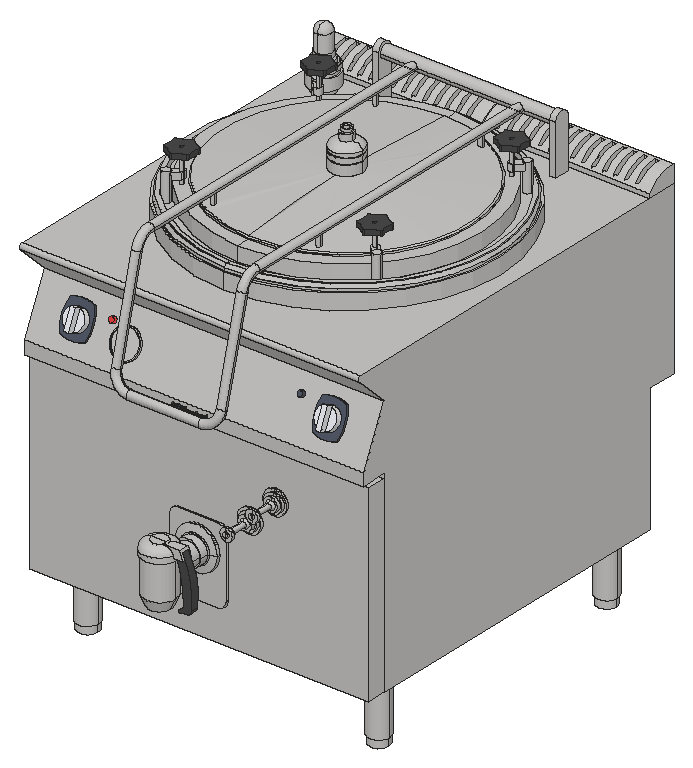
Revit family "QF_ELECTROLUXPROFESSIONAL_391122_E9BSEHIRFC", category Specialty Equipment, Revit 2018
Family settings
  Round Connector Dimension = Use Diameter
  Part Type = Normal
  Work Plane-Based = No
  Always vertical = Yes
  Cut with Voids When Loaded = No
  Shared = No
  Room Calculation Point = No
Parameters
  Width = 800 mm  # constant formula
  Weight in Pounds = 145  # constant formula
  Watts = 0 W
  Waste Water Discharge Temperature [instance] = -459.67 °F
  Volts = 400 V  # constant formula
  URL Cutsheet = "www.electrolux.com"
  URL = "www.electrolux.com"
  Type Mark [instance] = ""
  Status [instance] = ""
  Specification by User [instance] = ""
  Specification by Manufacturer = ""
  Show Logo [instance] = yes
  Show Clearance [instance] = yes
  Serial Number = ""
  Seismic Rating = ""
  SMACNA No = ""
  Revision Code [instance] = ""
  Plumbing Remarks [instance] = ""
  Plumbing Connection Type [instance] = ""
  Phase = 3
  Omniclass Number and Title = ""
  Number of Poles [instance] = 1
  NAFEM Spec ID Number = ""
  Model = "391122"
  Min Ckt Ampacity = 0 A
  Max Overcurrent Protection = 0 A
  Masterspec = ""
  Manufacturer = "ELECTROLUX"
  Item Number [instance] = ""
  Installed By [instance] = ""
  Indirect Waste Size = 1"
  Indirect Waste Flow [instance] = 0 GPM
  Indirect Waste Connection Type [instance] = ""
  Indirect Waste Connection Height = 0 mm
  Identify Quantity as Lot [instance] = yes
  Hot Water Temperature [instance] = -459.67 °F
  Hot Water Size = 3/4"
  Hot Water RI Height [instance] = 0 mm
  Hot Water Minimum Pressure = 0.00 psi
  Hot Water Maximum Pressure = 0.00 psi
  Hot Water Flow [instance] = 0 GPM
  Hot Water Consumption = 0 GPM
  Hot Water Connection Height = 0 mm
  Height = 850 mm  # constant formula
  HP = "28.8 HP"
  Furnished By [instance] = ""
  Foodservice Equipment Identifier [instance] = yes
  FL Amps = if(Phase = 3, Watts / (Volts * 1.73), Watts / Volts)  # 0 A
  Electrical Remarks [instance] = "400 V/3N ph/50/60 Hz"  # constant formula
  Electric Connection Type [instance] = ""
  Elec Conn RI Height [instance] = 0 mm
  Elec Conn Connection Height [instance] = 0 mm
  Direct Waste Size = 2"
  Description = "900XP ELECTRIC CYLINDRICAL BOILING PAN 150LT AND AUTOCLAVE- 400 V"
  Depth = 930 mm  # constant formula
  Cycle [instance] = if([60 Hertz Option], 60 Hz, 50 Hz)  # 60 Hz
  Conn Plug = ""
  Conn Conduit = yes
  Cold Water Temperature Recommended [instance] = -459.67 °F
  Cold Water Size = 3/4"
  Cold Water RI Height [instance] = 0 mm
  Cold Water Minimum Pressure = 0.00 psi
  Cold Water Maximum Pressure = 0.00 psi
  Cold Water Flow [instance] = 0 GPM
  Cold Water Consumption = ""
  Cold Water Connection Height = 0 mm
  CSI MasterFormat = ""
  CSI Master Format = ""
  Assembly Code = ""
  Apparent Power = if(Phase = 3, Volts * FL Amps * 1.73, Volts * FL Amps)  # 0 VA
  60 Hertz Option [instance] = not([50 Hertz Option])  # yes
  50 Hertz Option [instance] = no
Reference planes
  plane 1 "BACK": y = 0
  plane 2: z = 0
  plane 3 "LEFT": x = 0
  plane 4 "RIGHT": x = 800
  plane 5 "FRONT": y = -930
  plane 6 "TOP": z = 850
  plane 7 "Center Y": x = 400
  plane 8 "Center X": y = -465
  plane 9 "Base": z = 150
  plane 10: y = -1017
  plane 11: z = 1786
  plane 12: y = -800
  plane 13: x = 56
  plane 14: x = 744
  plane 15: x = 746
  plane 16: x = 729
  plane 17: x = 46
  plane 18: x = 151.01
  plane 19: x = 648.99
  plane 20: y = -127
Forms (mm)
  Revolve 1, solid, material "QF_Finishes_Stainless Steel"
    sketch origin (1, -127, 0) x (1, 0, 0) y (0, 0, 1)
      loop
        line (55, 0) -> (55, 150) -> (28.6, 150) -> (28.6, 19.05) -> (31.1, 19.05) -> (31.1, 0) -> (55, 0)
      axis (55, 0) -> (55, 150)
    angle from 0 to 360
  Revolve 2, solid, material "QF_Finishes_Stainless Steel"
    sketch origin (799, -127, 0) x (-1, 0, 0) y (0, 0, -1)
      loop
        line (55, 0) -> (32.1, 0) -> (32.1, -19.05) -> (29.6, -19.05) -> (29.6, -150) -> (55, -150) -> (55, 0)
      axis (55, 0) -> (55, -150)
    angle from 0 to 360
  Revolve 3, solid, material "QF_Finishes_Stainless Steel"
    sketch origin (1, -800, 0) x (1, 0, 0) y (0, 0, 1)
      loop
        line (55, 0) -> (55, 150) -> (28.6, 150) -> (28.6, 19.05) -> (31.1, 19.05) -> (31.1, 0) -> (55, 0)
      axis (55, 0) -> (55, 150)
    angle from 0 to 360
  Revolve 4, solid, material "QF_Finishes_Stainless Steel"
    sketch origin (799, -800, 0) x (-1, 0, 0) y (0, 0, -1)
      loop
        line (55, 0) -> (32.1, 0) -> (32.1, -19.05) -> (29.6, -19.05) -> (29.6, -150) -> (55, -150) -> (55, 0)
      axis (55, 0) -> (55, -150)
    angle from 0 to 360
  Extrusion 5, solid, material "QF_Finishes_Stainless Steel"
    sketch origin (0, 0, 576.213) x (0, 1, 0) y (0, 0, 1)
      loop
        line (0, -127.212) -> (0, 273.787) -> (-922.342, 273.787)
        arc (-922.342, 273.787) -> (-929.417, 269.06) -> (-927.757, 260.714) r 7.658
        line (-927.757, 260.714) -> (-856.613, 190.57) -> (-915.31, 65.214) -> (-915.31, 33.916) -> (-855.186, 38.612)
        arc (-855.186, 38.612) -> (-852.661, 37.864) -> (-851.569, 35.468) r 3.175
        line (-851.569, 35.468) -> (-851.569, -426.212) -> (-71, -426.212) -> (-71, -127.212) -> (0, -127.212)
      loop
        line (-900, 25.858) -> (-900, -426.212) -> (-854.744, -426.212) -> (-854.744, 25.858) -> (-900, 25.858)
    from 0 to 800
  Extrusion 6, solid, material "QF_Finishes_Stainless Steel"
    sketch origin (0, -901, 557.071) x (0, 0, 1) y (-1, 0, 0)
      loop
        arc (-150.774, -353.125) -> (-156.632, -338.983) -> (-170.774, -333.125) r 20
        line (-170.774, -333.125) -> (-310.774, -333.125)
        arc (-310.774, -333.125) -> (-324.916, -338.983) -> (-330.774, -353.125) r 20
        line (-330.774, -353.125) -> (-330.774, -446.875)
        arc (-330.774, -446.875) -> (-324.916, -461.017) -> (-310.774, -466.875) r 20
        line (-310.774, -466.875) -> (-170.774, -466.875)
        arc (-170.774, -466.875) -> (-156.632, -461.017) -> (-150.774, -446.875) r 20
        line (-150.774, -446.875) -> (-150.774, -353.125)
    from -1 to 3.2
  Revolve 7, solid, material "QF_Finishes_Stainless Steel"
    sketch origin (50, -127.411, 338.218) x (1, 0, 0) y (0, 1, 0)
      loop
        line (350, -776.789) -> (350, -866.845) -> (377.31, -866.845) -> (377.31, -807.326) -> (381.52, -807.326) -> (381.52, -788.802) -> (383.56, -788.802) -> (383.56, -785.903) -> (400.479, -782.307) -> (400.479, -776.789) -> (350, -776.789)
      axis (350, -866.845) -> (350, -776.789)
    angle from 0 to 360
  Extrusion 8, solid, material "QF_Finishes_Navy Blue"
    sketch origin (-437.256, -913.119, 646.186) x (0, 0.418102, 0.9084) y (-1, 0, 0)
      loop
        arc (102.623, -510.47) -> (67.041, -502.846) -> (31.333, -509.853) r 90.5
        arc (31.333, -509.853) -> (24.507, -539.04) -> (31.333, -568.228) r 65.817
        arc (31.333, -568.228) -> (67.048, -575.112) -> (102.64, -567.615) r 91.99
        arc (102.64, -567.615) -> (109.186, -539.041) -> (102.623, -510.47) r 65.554
      loop
        arc (102.623, -1164.043) -> (109.179, -1135.47) -> (102.623, -1106.897) r 65.546
        arc (102.623, -1106.897) -> (67.04, -1099.324) -> (31.333, -1106.284) r 91.066
        arc (31.333, -1106.284) -> (24.507, -1135.472) -> (31.333, -1164.66) r 65.817
        arc (31.333, -1164.66) -> (67.041, -1171.667) -> (102.623, -1164.043) r 90.5
    from 0 to 3.175
  Extrusion 9, solid, material "QF_Finishes_White"
    sketch origin (-58.506, -916.833, 645.711) x (0, 0.418102, 0.9084) y (-1, 0, 0)
      loop
        circle (68.826, -160.963) r 25.4
      loop
        circle (68.826, -756.049) r 25.4
    from 0 to 12.7
  Extrusion 10, solid, material "QF_Finishes_White"
    sketch origin (-58.506, -928.369, 651.021) x (0, 0.418102, 0.9084) y (-1, 0, 0)
      loop
        arc (93.558, -166.749) -> (94.226, -160.963) -> (93.558, -155.177) r 25.4
        line (93.558, -155.177) -> (44.094, -155.177)
        arc (44.094, -155.177) -> (43.426, -160.963) -> (44.094, -166.749) r 25.4
        line (44.094, -166.749) -> (93.558, -166.749)
      loop
        line (93.558, -750.263) -> (44.094, -750.263)
        arc (44.094, -750.263) -> (43.426, -756.049) -> (44.094, -761.836) r 25.4
        line (44.094, -761.836) -> (93.558, -761.836)
        arc (93.558, -761.836) -> (94.226, -756.049) -> (93.558, -750.263) r 25.4
    from 0 to 12.7
  Extrusion 11, solid, material "QF_Finishes_Red"
    sketch origin (-137.986, -902.667, 668.896) x (0, 0.418102, 0.9084) y (-1, 0, 0)
      loop
        circle (65.471, -315.169) r 6.35
    from 0 to 6
  Extrusion 12, solid, material "QF_Finishes_Navy Blue"
    sketch origin (937.986, -902.667, 668.896) x (0, 0.418102, 0.9084) y (-1, 0, 0)
      loop
        circle (65.471, 315.169) r 6.35
    from 0 to 6
  Extrusion 13, solid, material "QF_Finishes_Navy Blue", visible <- "Show Logo"
    sketch origin (61.109, -915.31, 610.773) x (0, 0, 1) y (-1, 0, 0)
      loop
        line (20.674, -296.698) -> (8.307, -296.698)
        arc (8.307, -296.698) -> (14.491, -301.27) -> (20.674, -296.698) r 6.467
      loop
        arc (20.674, -296.069) -> (19.505, -290.926) -> (14.849, -288.448) r 6.338
        line (14.849, -288.448) -> (14.849, -290.494)
        arc (14.849, -290.494) -> (16.333, -294.149) -> (19.778, -296.069) r 5.941
        line (19.778, -296.069) -> (20.674, -296.069)
      loop
        arc (9.203, -296.069) -> (12.648, -294.149) -> (14.132, -290.494) r 5.941
        line (14.132, -290.494) -> (14.132, -288.448)
        arc (14.132, -288.448) -> (9.438, -290.922) -> (8.148, -296.069) r 6.504
        line (8.148, -296.069) -> (9.203, -296.069)
      loop
        line (21.349, -287.979) -> (7.604, -287.979) -> (7.604, -301.742) -> (21.349, -301.742) -> (21.349, -287.979)
      loop
        arc (21.432, -304.71) -> (21.085, -304.352) -> (20.718, -304.69) r 0.358
        arc (20.718, -304.69) -> (20.404, -305.44) -> (19.687, -305.825) r 1.216
        line (19.687, -305.825) -> (9.274, -305.825)
        arc (9.274, -305.825) -> (8.614, -305.548) -> (8.218, -304.951) r 1.238
        arc (8.218, -304.951) -> (7.823, -304.7) -> (7.518, -305.054) r 0.358
        line (7.518, -305.054) -> (7.518, -314.933) -> (10.269, -314.933) -> (10.269, -314.036)
        arc (10.269, -314.036) -> (9.36, -313.456) -> (8.904, -312.479) r 1.928
        line (8.904, -312.479) -> (8.904, -309.98)
        arc (8.904, -309.98) -> (9.18, -309.251) -> (9.868, -308.887) r 1.101
        line (9.868, -308.887) -> (13.955, -308.887) -> (13.955, -312.561)
        arc (13.955, -312.561) -> (13.602, -313.058) -> (13.037, -313.286) r 1.083
        arc (13.037, -313.286) -> (12.773, -313.591) -> (13.065, -313.869) r 0.292
        line (13.065, -313.869) -> (16.028, -313.869)
        arc (16.028, -313.869) -> (16.33, -313.596) -> (16.092, -313.266) r 0.305
        arc (16.092, -313.266) -> (15.601, -313.018) -> (15.296, -312.561) r 1.083
        line (15.296, -312.561) -> (15.296, -308.887) -> (19.973, -308.887) -> (19.973, -312.635)
        arc (19.973, -312.635) -> (19.759, -313.39) -> (19.153, -313.888) r 1.314
        arc (19.153, -313.888) -> (18.934, -314.292) -> (19.288, -314.585) r 0.361
        line (19.288, -314.585) -> (21.432, -314.585) -> (21.432, -304.71)
      loop
        arc (20.715, -315.365) -> (20.335, -316.284) -> (19.416, -316.664) r 1.299
        line (19.416, -316.664) -> (9.837, -316.664)
        arc (9.837, -316.664) -> (8.999, -316.286) -> (8.728, -315.408) r 1.118
        line (8.728, -315.408) -> (7.518, -315.408) -> (7.518, -320.758) -> (8.706, -320.758)
        arc (8.706, -320.758) -> (8.978, -319.841) -> (9.848, -319.445) r 1.153
        line (9.848, -319.445) -> (21.92, -319.445) -> (20.715, -315.365)
      loop
        line (12.483, -323.394) -> (12.483, -329.842) -> (13.282, -329.842)
        arc (13.282, -329.842) -> (15.862, -328.857) -> (17.131, -326.404) r 3.874
        line (17.131, -326.404) -> (17.131, -324.643)
        arc (17.131, -324.643) -> (15.944, -321.778) -> (13.08, -320.592) r 4.051
        line (13.08, -320.592) -> (11.072, -320.592)
        arc (11.072, -320.592) -> (8.253, -322.077) -> (7.202, -325.084) r 4.352
        arc (7.202, -325.084) -> (7.566, -327.547) -> (8.943, -329.621) r 5.713
        line (8.943, -329.621) -> (9.892, -329.621)
        arc (9.892, -329.621) -> (9.16, -328.052) -> (8.943, -326.334) r 5.579
        arc (8.943, -326.334) -> (9.737, -324.371) -> (11.616, -323.394) r 3.057
        line (11.616, -323.394) -> (12.483, -323.394)
      loop
        line (13.742, -323.394) -> (13.742, -326.977)
        arc (13.742, -326.977) -> (15.199, -327.024) -> (16.082, -325.864) r 1.59
        line (16.082, -325.864) -> (16.082, -325.034)
        arc (16.082, -325.034) -> (15.217, -323.779) -> (13.742, -323.394) r 2.184
      loop
        arc (16.533, -339.259) -> (17.022, -337.585) -> (17.179, -335.848) r 9.023
        line (17.179, -335.848) -> (17.179, -334.486)
        arc (17.179, -334.486) -> (16.02, -331.686) -> (13.22, -330.527) r 3.959
        line (13.22, -330.527) -> (10.62, -330.527)
        arc (10.62, -330.527) -> (8.338, -331.819) -> (7.221, -334.192) r 4.331
        line (7.221, -334.192) -> (7.221, -336.327)
        arc (7.221, -336.327) -> (7.729, -337.877) -> (8.651, -339.223) r 5.772
        arc (8.651, -339.223) -> (9.412, -339.274) -> (9.499, -338.515) r 0.553
        arc (9.499, -338.515) -> (9.111, -337.781) -> (8.977, -336.962) r 2.573
        line (8.977, -336.962) -> (8.977, -335.447)
        arc (8.977, -335.447) -> (9.983, -333.806) -> (11.798, -333.163) r 2.884
        line (11.798, -333.163) -> (13.077, -333.163)
        arc (13.077, -333.163) -> (14.898, -333.723) -> (15.824, -335.388) r 2.554
        line (15.824, -335.388) -> (15.824, -336.441)
        arc (15.824, -336.441) -> (15.493, -337.369) -> (14.836, -338.104) r 2.564
        arc (14.836, -338.104) -> (14.614, -338.821) -> (15.223, -339.259) r 0.643
        line (15.223, -339.259) -> (16.533, -339.259)
      loop
        line (15.515, -339.53) -> (15.515, -341.031) -> (9.467, -341.031)
        arc (9.467, -341.031) -> (7.879, -341.688) -> (7.221, -343.276) r 2.246
        line (7.221, -343.276) -> (7.221, -344.86)
        arc (7.221, -344.86) -> (7.535, -345.725) -> (8.035, -346.496) r 4.06
        arc (8.035, -346.496) -> (8.768, -346.629) -> (9.019, -345.928) r 0.576
        arc (9.019, -345.928) -> (8.913, -345.403) -> (8.977, -344.87) r 1.69
        arc (8.977, -344.87) -> (9.519, -344.082) -> (10.425, -343.779) r 1.506
        line (10.425, -343.779) -> (15.563, -343.779) -> (15.563, -346.176) -> (16.119, -346.733) -> (16.941, -346.733) -> (16.941, -343.873) -> (20.172, -343.873) -> (15.515, -339.53)
      loop
        line (7.438, -347.63) -> (7.438, -353.017) -> (8.548, -353.017)
        arc (8.548, -353.017) -> (8.942, -352.066) -> (9.893, -351.672) r 1.345
        line (9.893, -351.672) -> (13.509, -351.672)
        arc (13.509, -351.672) -> (14.274, -352.264) -> (14.564, -353.186) r 1.615
        line (14.564, -353.186) -> (14.564, -354.742) -> (17.119, -355.427) -> (17.119, -354.044) -> (15.177, -351.485) -> (17.057, -351.485) -> (16.773, -348.779)
        arc (16.773, -348.779) -> (16.333, -348.249) -> (15.674, -348.45) r 0.621
        arc (15.674, -348.45) -> (15.274, -348.792) -> (14.78, -348.975) r 1.501
        line (14.78, -348.975) -> (9.893, -348.975)
        arc (9.893, -348.975) -> (8.942, -348.581) -> (8.548, -347.63) r 1.345
        line (8.548, -347.63) -> (7.438, -347.63)
      loop
        line (13.54, -354.964) -> (10.848, -354.964)
        arc (10.848, -354.964) -> (8.403, -356.272) -> (7.269, -358.803) r 4.288
        arc (7.269, -358.803) -> (7.205, -360.183) -> (7.269, -361.563) r 15.022
        arc (7.269, -361.563) -> (8.403, -364.094) -> (10.848, -365.401) r 4.288
        line (10.848, -365.401) -> (13.54, -365.401)
        arc (13.54, -365.401) -> (15.986, -364.094) -> (17.119, -361.563) r 4.288
        arc (17.119, -361.563) -> (17.183, -360.183) -> (17.119, -358.803) r 15.022
        arc (17.119, -358.803) -> (15.986, -356.272) -> (13.54, -354.964) r 4.288
      loop
        line (13.745, -358.078) -> (10.643, -358.078)
        arc (10.643, -358.078) -> (8.486, -360.235) -> (10.643, -362.392) r 2.157
        line (10.643, -362.392) -> (13.745, -362.392)
        arc (13.745, -362.392) -> (15.902, -360.235) -> (13.745, -358.078) r 2.157
      loop
        arc (20.726, -365.26) -> (20.355, -366.154) -> (19.461, -366.524) r 1.264
        line (19.461, -366.524) -> (9.597, -366.524)
        arc (9.597, -366.524) -> (8.727, -366.127) -> (8.455, -365.211) r 1.153
        line (8.455, -365.211) -> (7.518, -365.211) -> (7.518, -370.319) -> (8.446, -370.319)
        arc (8.446, -370.319) -> (8.805, -369.547) -> (9.597, -369.232) r 1.153
        line (9.597, -369.232) -> (21.92, -369.232) -> (20.726, -365.26)
      loop
        arc (15.846, -369.857) -> (15.647, -370.921) -> (14.678, -371.403) r 1.215
        line (14.678, -371.403) -> (9.658, -371.403)
        arc (9.658, -371.403) -> (8.043, -372.051) -> (7.322, -373.634) r 2.338
        line (7.322, -373.634) -> (7.322, -375.148)
        arc (7.322, -375.148) -> (7.497, -376.152) -> (7.999, -377.038) r 2.979
        line (7.999, -377.038) -> (7.518, -378.835) -> (7.518, -380.524) -> (16.943, -380.524) -> (16.649, -376.32) -> (15.863, -376.32)
        arc (15.863, -376.32) -> (15.507, -377.156) -> (14.755, -377.665) r 1.605
        line (14.755, -377.665) -> (9.652, -377.665)
        arc (9.652, -377.665) -> (9.232, -376.728) -> (9.159, -375.704) r 2.94
        arc (9.159, -375.704) -> (9.72, -374.603) -> (10.873, -374.16) r 1.724
        line (10.873, -374.16) -> (17.07, -374.16) -> (15.846, -369.857)
      loop
        line (16.874, -381.377) -> (15.202, -383.423) -> (12.028, -385.729) -> (8.572, -382.617)
        arc (8.572, -382.617) -> (8.335, -382.223) -> (8.357, -381.764) r 0.789
        line (8.357, -381.764) -> (7.518, -381.764) -> (7.518, -385.309) -> (8.344, -385.309)
        arc (8.344, -385.309) -> (8.686, -384.947) -> (9.176, -385.039) r 0.52
        line (9.176, -385.039) -> (10.976, -386.51) -> (8.858, -387.886)
        arc (8.858, -387.886) -> (8.457, -387.576) -> (8.37, -387.076) r 0.7
        line (8.37, -387.076) -> (7.518, -387.076) -> (7.518, -393.003) -> (8.405, -393.003)
        arc (8.405, -393.003) -> (8.472, -392.344) -> (8.866, -391.813) r 1.247
        line (8.866, -391.813) -> (13.066, -388.532) -> (15.513, -390.585) -> (16.874, -392.327) -> (16.874, -388.604) -> (15.389, -389.026) -> (13.868, -387.749) -> (15.568, -386.559) -> (16.874, -387.336) -> (16.874, -381.377)
    from 0 to 1.644
  Revolve 14, solid, material "QF_Finishes_Stainless Steel"
    sketch origin (400, -109.012, 0.687) x (0, 1, 0) y (0, 0, 1)
      loop
        line (-355.988, 849.312) -> (-355.988, 946.284)
        arc (-355.988, 946.284) -> (-500.572, 942.27) -> (-644.711, 930.241) r 2606.177
        line (-644.711, 930.241) -> (-647.488, 927.465) -> (-647.488, 924.094) -> (-676.819, 924.094) -> (-676.819, 888.437) -> (-701.151, 888.437) -> (-701.151, 902.549) -> (-710.075, 902.549) -> (-710.075, 900.745) -> (-714.988, 892.235) -> (-714.988, 886.51) -> (-719.988, 886.51) -> (-719.988, 849.312) -> (-355.988, 849.312)
      axis (-355.988, 849.312) -> (-355.988, 946.284)
    angle from 0 to 360
  Extrusion 15, solid, material "QF_Finishes_Stainless Steel"
    sketch origin (0, 0, 560.363) x (0, 1, 0) y (0, 0, 1)
      loop
        line (0, 289.638) -> (0, 331.738)
        arc (0, 331.738) -> (-38.857, 324.552) -> (-69.85, 300.038) r 82.056
        line (-69.85, 300.038) -> (-69.85, 289.638) -> (0, 289.638)
    from 0 to 400
  Extrusion 16, void
    sketch origin (0, 0, 835) x (0, -1, 0) y (1, 0, 0)
      loop
        line (6.761, 28.703) -> (63.911, 28.703) -> (63.911, 37.999) -> (6.761, 37.999) -> (6.761, 28.703)
      loop
        line (63.911, 64.487) -> (6.761, 64.487) -> (6.761, 55.191) -> (63.911, 55.191) -> (63.911, 64.487)
      loop
        line (63.911, 89.975) -> (6.761, 89.975) -> (6.761, 80.68) -> (63.911, 80.68) -> (63.911, 89.975)
      loop
        line (63.911, 115.464) -> (6.761, 115.464) -> (6.761, 106.168) -> (63.911, 106.168) -> (63.911, 115.464)
      loop
        line (63.911, 140.952) -> (6.761, 140.952) -> (6.761, 131.656) -> (63.911, 131.656) -> (63.911, 140.952)
      loop
        line (63.911, 166.44) -> (6.761, 166.44) -> (6.761, 157.145) -> (63.911, 157.145) -> (63.911, 166.44)
      loop
        line (63.911, 191.929) -> (6.761, 191.929) -> (6.761, 182.633) -> (63.911, 182.633) -> (63.911, 191.929)
      loop
        line (63.911, 217.417) -> (6.761, 217.417) -> (6.761, 208.121) -> (63.911, 208.121) -> (63.911, 217.417)
      loop
        line (63.911, 242.905) -> (6.761, 242.905) -> (6.761, 233.61) -> (63.911, 233.61) -> (63.911, 242.905)
      loop
        line (63.911, 268.394) -> (6.761, 268.394) -> (6.761, 259.098) -> (63.911, 259.098) -> (63.911, 268.394)
      loop
        line (63.911, 293.882) -> (6.761, 293.882) -> (6.761, 284.586) -> (63.911, 284.586) -> (63.911, 293.882)
      loop
        line (63.911, 319.37) -> (6.761, 319.37) -> (6.761, 310.075) -> (63.911, 310.075) -> (63.911, 319.37)
      loop
        line (63.911, 344.859) -> (6.761, 344.859) -> (6.761, 335.563) -> (63.911, 335.563) -> (63.911, 344.859)
      loop
        line (63.911, 370.347) -> (6.761, 370.347) -> (6.761, 361.051) -> (63.911, 361.051) -> (63.911, 370.347)
    from 25.4 to 63.5
  Extrusion 17, solid, material "QF_Finishes_Stainless Steel"
    sketch origin (800, 0, 560.363) x (0, 1, 0) y (0, 0, -1)
      loop
        line (0, -289.638) -> (-69.85, -289.638) -> (-69.85, -300.038)
        arc (-69.85, -300.038) -> (-38.857, -324.552) -> (0, -331.738) r 82.056
        line (0, -331.738) -> (0, -289.638)
    from 0 to 400
  Extrusion 18, void
    sketch origin (800, 0, 835) x (0, -1, 0) y (1, 0, 0)
      loop
        line (6.761, -29.703) -> (6.761, -38.999) -> (63.911, -38.999) -> (63.911, -29.703) -> (6.761, -29.703)
      loop
        line (63.911, -64.487) -> (63.911, -55.191) -> (6.761, -55.191) -> (6.761, -64.487) -> (63.911, -64.487)
      loop
        line (63.911, -89.975) -> (63.911, -80.68) -> (6.761, -80.68) -> (6.761, -89.975) -> (63.911, -89.975)
      loop
        line (63.911, -115.464) -> (63.911, -106.168) -> (6.761, -106.168) -> (6.761, -115.464) -> (63.911, -115.464)
      loop
        line (63.911, -140.952) -> (63.911, -131.656) -> (6.761, -131.656) -> (6.761, -140.952) -> (63.911, -140.952)
      loop
        line (63.911, -166.44) -> (63.911, -157.145) -> (6.761, -157.145) -> (6.761, -166.44) -> (63.911, -166.44)
      loop
        line (63.911, -191.929) -> (63.911, -182.633) -> (6.761, -182.633) -> (6.761, -191.929) -> (63.911, -191.929)
      loop
        line (63.911, -217.417) -> (63.911, -208.121) -> (6.761, -208.121) -> (6.761, -217.417) -> (63.911, -217.417)
      loop
        line (63.911, -242.905) -> (63.911, -233.61) -> (6.761, -233.61) -> (6.761, -242.905) -> (63.911, -242.905)
      loop
        line (63.911, -268.394) -> (63.911, -259.098) -> (6.761, -259.098) -> (6.761, -268.394) -> (63.911, -268.394)
      loop
        line (63.911, -293.882) -> (63.911, -284.586) -> (6.761, -284.586) -> (6.761, -293.882) -> (63.911, -293.882)
      loop
        line (63.911, -319.37) -> (63.911, -310.075) -> (6.761, -310.075) -> (6.761, -319.37) -> (63.911, -319.37)
      loop
        line (63.911, -344.859) -> (63.911, -335.563) -> (6.761, -335.563) -> (6.761, -344.859) -> (63.911, -344.859)
      loop
        line (63.911, -370.347) -> (63.911, -361.051) -> (6.761, -361.051) -> (6.761, -370.347) -> (63.911, -370.347)
    from 25.4 to 63.5
  Extrusion 19, solid, material "QF_Finishes_Stainless Steel"
    sketch origin (0, -90.262, 0) x (1, 0, 0) y (0, 1, 0)
      loop
        circle (275.084, -613.366) r 5
      loop
        circle (275.084, -135.109) r 5
      loop
        circle (524.916, -613.366) r 5
      loop
        circle (524.916, -135.109) r 5
    from 873.469 to 966.597
  Extrusion 20, solid, material "QF_Finishes_Stainless Steel"
    sketch origin (0, -653.222, 150) x (1, 0, 0) y (0, -1, 0)
      loop
        circle (746, 1.778) r 6.35
    from 0 to 13
  Extrusion 21, solid, material "QF_Finishes_Stainless Steel"
    sketch origin (-673, -652.222, 150) x (1, 0, 0) y (0, -1, 0)
      loop
        circle (719, 7.778) r 9.5
      loop
        circle (719, 78.778) r 9.5
    from 0 to 13
  Extrusion 22, solid, material "QF_Clearances", visible <- "Show Clearance", detail levels coarse
    sketch origin (0, 0, 0) x (1, 0, 0) y (0, 1, 0)
      loop
        line (-50, -930) -> (0, -930) -> (0, 0) -> (800, 0) -> (800, -930) -> (850, -930) -> (850, 50) -> (-50, 50) -> (-50, -930)
    from 0 to 865.138
  Extrusion 23, solid, material "QF_Finishes_Stainless Steel"
    sketch origin (73.929, 3.488, 39.209) x (0, 1, 0) y (0, 0, 1)
      loop
        line (-86.2, 810.791) -> (-86.2, 927.861)
        arc (-86.2, 927.861) -> (-103.594, 945.255) -> (-120.988, 927.861) r 17.394
        line (-120.988, 927.861) -> (-120.988, 810.791) -> (-86.2, 810.791)
    from 527.978 to 542.561
  Extrusion 24, solid, material "QF_Finishes_Stainless Steel"
    sketch origin (0, 3.488, 37.959) x (0, 1, 0) y (0, 0, 1)
      loop
        circle (-103.594, 927.13) r 15
    from 198.093 to 601.907
  Extrusion 25, solid, material "QF_Finishes_Stainless Steel"
    sketch origin (726.071, 3.488, 39.209) x (0, 1, 0) y (0, 0, -1)
      loop
        line (-86.2, -810.791) -> (-120.988, -810.791) -> (-120.988, -927.861)
        arc (-120.988, -927.861) -> (-103.594, -945.255) -> (-86.2, -927.861) r 17.394
        line (-86.2, -927.861) -> (-86.2, -810.791)
    from 527.978 to 542.561
  Extrusion 26, solid, material "QF_Finishes_Stainless Steel"
    sketch origin (0, -858.418, 765.034) x (0, -0.418102, -0.9084) y (1, 0, 0)
      loop
        circle (73.793, 217.932) r 35
    from 0 to 3.2
  Extrusion 27, void
    sketch origin (0, -861.325, 766.372) x (0, -0.418102, -0.9084) y (1, 0, 0)
      loop
        circle (73.793, 217.932) r 33
    from 0 to -1.6
  Revolve 28, solid, material "QF_Finishes_Stainless Steel"
    sketch origin (75, 0, 0) x (0, 1, 0) y (0, 0, 1)
      loop
        line (-127, 850) -> (-127, 995.049)
        arc (-127, 995.049) -> (-139.857, 989.724) -> (-145.183, 976.867) r 18.183
        line (-145.183, 976.867) -> (-145.183, 936.198) -> (-147.515, 936.198) -> (-147.515, 925.501) -> (-152, 921.015) -> (-152, 914.56) -> (-157, 914.56) -> (-157, 909.56) -> (-160.008, 909.56) -> (-160.008, 901.432) -> (-157, 901.432) -> (-157, 892.923) -> (-162, 892.923) -> (-162, 865.138) -> (-152, 865.138) -> (-152, 850) -> (-127, 850)
      axis (-127, 850) -> (-127, 995.049)
    angle from 0 to 360
  Extrusion 29, solid, material "QF_Finishes_Stainless Steel"
    sketch origin (400, -465, 889.125) x (-1, 0, 0) y (0, -1, 0)
      loop
        circle (248.99, -222.263) r 9.5
      loop
        circle (-248.99, -222.263) r 9.5
      loop
        circle (248.99, 222.737) r 9.5
      loop
        circle (-248.99, 222.737) r 9.5
    from 0 to 65.025
  Extrusion 30, solid, material "QF_Finishes_Stainless Steel"
    sketch origin (0, 0, 0) x (1, 0, 0) y (0, 1, 0)
      loop
        line (160.29, -688.771) -> (176.792, -672.269)
        arc (176.792, -672.269) -> (176.792, -660.955) -> (165.478, -660.955) r 8
        line (165.478, -660.955) -> (148.976, -677.457)
        arc (148.976, -677.457) -> (157.728, -680.019) -> (160.29, -688.771) r 9.5
      loop
        arc (639.71, -688.771) -> (642.272, -680.019) -> (651.024, -677.457) r 9.5
        line (651.024, -677.457) -> (634.522, -660.955)
        arc (634.522, -660.955) -> (623.208, -660.955) -> (623.208, -672.269) r 8
        line (623.208, -672.269) -> (639.71, -688.771)
      loop
        arc (160.29, -240.703) -> (157.728, -249.454) -> (148.976, -252.017) r 9.5
        line (148.976, -252.017) -> (165.478, -268.519)
        arc (165.478, -268.519) -> (176.792, -268.519) -> (176.792, -257.205) r 8
        line (176.792, -257.205) -> (160.29, -240.703)
      loop
        line (639.71, -240.703) -> (623.208, -257.205)
        arc (623.208, -257.205) -> (623.208, -268.519) -> (634.522, -268.519) r 8
        line (634.522, -268.519) -> (651.024, -252.017)
        arc (651.024, -252.017) -> (642.272, -249.454) -> (639.71, -240.703) r 9.5
    from 936.198 to 951.201
  Extrusion 31, solid, material "QF_Finishes_Stainless Steel"
    sketch origin (400, -465, 924.782) x (-1, 0, 0) y (0, -1, 0)
      loop
        circle (228.323, 202.069) r 4
      loop
        circle (-228.323, 202.069) r 4
      loop
        circle (228.323, -202.069) r 4
      loop
        circle (-228.323, -202.069) r 4
    from 0 to 65.572
  Extrusion 32, solid, material "QF_Finishes_Black"
    sketch origin (0, 0, 0) x (1, 0, 0) y (0, 1, 0)
      loop
        circle (171.677, -667.069) r 4
      loop
        arc (173.74, -634.086) -> (171.677, -633.272) -> (169.615, -634.086) r 3.02
        arc (169.615, -634.086) -> (157.714, -642.903) -> (144.127, -648.797) r 65
        arc (144.127, -648.797) -> (142.401, -650.167) -> (142.077, -652.346) r 3
        arc (142.077, -652.346) -> (143.767, -667.069) -> (142.077, -681.793) r 65
        arc (142.077, -681.793) -> (142.401, -683.972) -> (144.127, -685.342) r 3
        arc (144.127, -685.342) -> (157.733, -691.247) -> (169.647, -700.083) r 65
        arc (169.647, -700.083) -> (171.677, -700.885) -> (173.708, -700.083) r 2.971
        arc (173.708, -700.083) -> (185.622, -691.247) -> (199.228, -685.342) r 65
        arc (199.228, -685.342) -> (200.954, -683.972) -> (201.278, -681.793) r 3
        arc (201.278, -681.793) -> (199.588, -667.069) -> (201.278, -652.346) r 65
        arc (201.278, -652.346) -> (200.954, -650.167) -> (199.228, -648.797) r 3
        arc (199.228, -648.797) -> (185.641, -642.903) -> (173.74, -634.086) r 65
      loop
        circle (628.323, -667.069) r 4
      loop
        arc (626.26, -634.086) -> (614.359, -642.903) -> (600.772, -648.797) r 65
        arc (600.772, -648.797) -> (599.046, -650.167) -> (598.722, -652.346) r 3
        arc (598.722, -652.346) -> (600.412, -667.069) -> (598.722, -681.793) r 65
        arc (598.722, -681.793) -> (599.046, -683.972) -> (600.772, -685.342) r 3
        arc (600.772, -685.342) -> (614.378, -691.247) -> (626.292, -700.083) r 65
        arc (626.292, -700.083) -> (628.323, -700.885) -> (630.353, -700.083) r 2.971
        arc (630.353, -700.083) -> (642.267, -691.247) -> (655.873, -685.342) r 65
        arc (655.873, -685.342) -> (657.599, -683.972) -> (657.923, -681.793) r 3
        arc (657.923, -681.793) -> (656.233, -667.069) -> (657.923, -652.346) r 65
        arc (657.923, -652.346) -> (657.599, -650.167) -> (655.873, -648.797) r 3
        arc (655.873, -648.797) -> (642.286, -642.903) -> (630.385, -634.086) r 65
        arc (630.385, -634.086) -> (628.323, -633.272) -> (626.26, -634.086) r 3.02
      loop
        circle (171.677, -262.931) r 4
      loop
        arc (173.74, -295.914) -> (185.641, -287.097) -> (199.228, -281.203) r 65
        arc (199.228, -281.203) -> (200.954, -279.833) -> (201.278, -277.654) r 3
        arc (201.278, -277.654) -> (199.588, -262.931) -> (201.278, -248.207) r 65
        arc (201.278, -248.207) -> (200.954, -246.028) -> (199.228, -244.658) r 3
        arc (199.228, -244.658) -> (185.622, -238.753) -> (173.708, -229.917) r 65
        arc (173.708, -229.917) -> (171.677, -229.115) -> (169.647, -229.917) r 2.971
        arc (169.647, -229.917) -> (157.733, -238.753) -> (144.127, -244.658) r 65
        arc (144.127, -244.658) -> (142.401, -246.028) -> (142.077, -248.207) r 3
        arc (142.077, -248.207) -> (143.767, -262.931) -> (142.077, -277.654) r 65
        arc (142.077, -277.654) -> (142.401, -279.833) -> (144.127, -281.203) r 3
        arc (144.127, -281.203) -> (157.714, -287.097) -> (169.615, -295.914) r 65
        arc (169.615, -295.914) -> (171.677, -296.728) -> (173.74, -295.914) r 3.02
      loop
        circle (628.323, -262.931) r 4
      loop
        arc (626.26, -295.914) -> (628.323, -296.728) -> (630.385, -295.914) r 3.02
        arc (630.385, -295.914) -> (642.286, -287.097) -> (655.873, -281.203) r 65
        arc (655.873, -281.203) -> (657.599, -279.833) -> (657.923, -277.654) r 3
        arc (657.923, -277.654) -> (656.233, -262.931) -> (657.923, -248.207) r 65
        arc (657.923, -248.207) -> (657.599, -246.028) -> (655.873, -244.658) r 3
        arc (655.873, -244.658) -> (642.267, -238.753) -> (630.353, -229.917) r 65
        arc (630.353, -229.917) -> (628.323, -229.115) -> (626.292, -229.917) r 2.971
        arc (626.292, -229.917) -> (614.378, -238.753) -> (600.772, -244.658) r 65
        arc (600.772, -244.658) -> (599.046, -246.028) -> (598.722, -248.207) r 3
        arc (598.722, -248.207) -> (600.412, -262.931) -> (598.722, -277.654) r 65
        arc (598.722, -277.654) -> (599.046, -279.833) -> (600.772, -281.203) r 3
        arc (600.772, -281.203) -> (614.359, -287.097) -> (626.26, -295.914) r 65
    from 990.354 to 1001.265
  Revolve 33, solid, material "QF_Finishes_Stainless Steel"
    sketch origin (50, -1017, -209.451) x (1, 0, 0) y (0, 0, 1)
      loop
        line (387.487, 584.414) -> (391.109, 584.414) -> (391.109, 596.458)
        arc (391.109, 596.458) -> (383.595, 608.72) -> (370.039, 613.521) r 21.541
        line (370.039, 613.521) -> (350, 613.521) -> (350, 475.451) -> (376.476, 475.451) -> (387.487, 500.451) -> (387.487, 584.414)
      axis (350, 475.451) -> (350, 613.521)
    angle from 0 to 360
  Extrusion 34, solid, material "QF_Finishes_Black"
    sketch origin (0, -932, 1) x (1, 0, 0) y (0, 0, 1)
      loop
        arc (462.072, 282.761) -> (458.739, 279.204) -> (454.343, 277.096) r 13.226
        arc (454.343, 277.096) -> (451.562, 273.099) -> (455.036, 269.686) r 3.774
        line (455.036, 269.686) -> (472.172, 272.033)
        arc (472.172, 272.033) -> (478.889, 276.04) -> (480.667, 283.655) r 10
        arc (480.667, 283.655) -> (479.826, 343.081) -> (460.542, 399.297) r 188.693
        line (460.542, 399.297) -> (438.183, 399.297)
        arc (438.183, 399.297) -> (458.444, 342.734) -> (462.072, 282.761) r 212.616
    from 77.064 to 92.936
  Extrusion 35, solid, material "QF_Finishes_Stainless Steel"
    sketch origin (0, -932, 1) x (1, 0, 0) y (0, 0, 1)
      loop
        line (436.837, 382.461) -> (463.876, 382.461)
        arc (463.876, 382.461) -> (461.091, 393.228) -> (456.741, 403.464) r 74.823
        line (456.741, 403.464) -> (415.663, 403.464)
        arc (415.663, 403.464) -> (428.508, 395.239) -> (436.837, 382.461) r 36.276
    from 74.362 to 95.975
  Extrusion 36, solid, material "QF_Finishes_Stainless Steel"
    sketch origin (10, -651.222, 150) x (1, 0, 0) y (0, -1, 0)
      loop
        circle (736, 61.778) r 4
    from 0 to 13
  Revolve 37, solid, material "QF_Finishes_Stainless Steel"
    sketch origin (0, -465, 13.75) x (-1, 0, 0) y (0, 0, 1)
      loop
        line (-400, 1026.597) -> (-406.853, 1026.597) -> (-406.853, 1021.597) -> (-411.853, 1021.597) -> (-411.853, 1016.597) -> (-409.619, 1016.597) -> (-409.619, 1011.597) -> (-414.619, 1011.597) -> (-414.619, 998.268)
        arc (-414.619, 998.268) -> (-427.359, 993.544) -> (-436.874, 983.845) r 31.138
        line (-436.874, 983.845) -> (-436.874, 976.783) -> (-434.664, 976.783) -> (-434.664, 973.827) -> (-436.874, 973.827) -> (-436.874, 962.824) -> (-434.664, 962.824) -> (-434.664, 959.868) -> (-436.874, 959.868) -> (-436.874, 937.193) -> (-426.874, 937.193) -> (-426.874, 920.933) -> (-400, 920.933) -> (-400, 1026.597)
      axis (-400, 920.933) -> (-400, 1026.597)
    angle from 0 to 360
  Revolve 38, solid, material "QF_Clearances", visible <- "Show Clearance", detail levels coarse
    sketch origin (400, -1057.161, 758.356) x (0, 0.207912, -0.978148) y (0, 0.978148, 0.207912)
      loop
        line (-355.988, 849.312) -> (-355.988, 946.284)
        arc (-355.988, 946.284) -> (-500.572, 942.27) -> (-644.711, 930.241) r 2606.177
        line (-644.711, 930.241) -> (-647.488, 927.465) -> (-647.488, 924.094) -> (-676.819, 924.094) -> (-676.819, 888.437) -> (-701.151, 888.437) -> (-701.151, 902.549) -> (-710.075, 902.549) -> (-710.075, 900.745) -> (-714.988, 892.235) -> (-714.988, 886.51) -> (-719.988, 886.51) -> (-719.988, 849.312) -> (-355.988, 849.312)
      axis (-355.988, 849.312) -> (-355.988, 946.284)
    angle from 0 to 360
  Extrusion 39, solid, material "QF_Clearances", visible <- "Show Clearance", detail levels coarse
    sketch origin (0, -1053.936, 739.873) x (1, 0, 0) y (0, 0.207912, -0.978148)
      loop
        circle (275.084, -613.366) r 5
      loop
        circle (275.084, -135.109) r 5
      loop
        circle (524.916, -613.366) r 5
      loop
        circle (524.916, -135.109) r 5
    from 873.469 to 966.597
  Revolve 40, solid, material "QF_Clearances", visible <- "Show Clearance", detail levels coarse
    sketch origin (0, -1118.398, 1109.28) x (-1, 0, 0) y (0, 0.978148, 0.207912)
      loop
        line (-400, 1026.597) -> (-406.853, 1026.597) -> (-406.853, 1021.597) -> (-411.853, 1021.597) -> (-411.853, 1016.597) -> (-409.619, 1016.597) -> (-409.619, 1011.597) -> (-414.619, 1011.597) -> (-414.619, 998.268)
        arc (-414.619, 998.268) -> (-427.359, 993.544) -> (-436.874, 983.845) r 31.138
        line (-436.874, 983.845) -> (-436.874, 976.783) -> (-434.664, 976.783) -> (-434.664, 973.827) -> (-436.874, 973.827) -> (-436.874, 962.824) -> (-434.664, 962.824) -> (-434.664, 959.868) -> (-436.874, 959.868) -> (-436.874, 937.193) -> (-426.874, 937.193) -> (-426.874, 920.933) -> (-400, 920.933) -> (-400, 1026.597)
      axis (-400, 920.933) -> (-400, 1026.597)
    angle from 0 to 360
  Sweep 41, solid, material "QF_Finishes_Stainless Steel"
    path in 3D
      loop
        line (275.084, -107.606, 965.089) -> (275.084, -890.935, 965.089)
        arc (275.084, -890.935, 965.089) -> (275.084, -915.286, 956.823) -> (275.084, -929.572, 935.442) r 40
        line (275.084, -929.572, 935.442) -> (275.084, -989.388, 712.205)
        spline (275.084, -989.388, 712.205) -> (275.43, -990.793, 706.963) -> (276.446, -992.161, 701.857) -> (278.128, -993.489, 696.901) -> (280.443, -994.748, 692.203) -> (283.35, -995.913, 687.854) -> (286.799, -996.967, 683.921) -> (290.734, -997.891, 680.471) -> (295.088, -998.67, 677.567) -> (299.78, -999.29, 675.252) -> (304.726, -999.74, 673.571) -> (309.84, -1000.013, 672.552) -> (315.084, -1000.106, 672.205)
        line (315.084, -1000.106, 672.205) -> (484.916, -1000.106, 672.205)
        spline (484.916, -1000.106, 672.205) -> (490.158, -1000.013, 672.551) -> (495.264, -999.741, 673.567) -> (500.22, -999.29, 675.249) -> (504.918, -998.67, 677.565) -> (509.267, -997.891, 680.471) -> (513.2, -996.967, 683.92) -> (516.65, -995.913, 687.855) -> (519.555, -994.746, 692.209) -> (521.869, -993.489, 696.901) -> (523.551, -992.164, 701.847) -> (524.57, -990.793, 706.961) -> (524.916, -989.388, 712.205)
        line (524.916, -989.388, 712.205) -> (524.916, -929.572, 935.442)
        arc (524.916, -929.572, 935.442) -> (524.916, -915.286, 956.823) -> (524.916, -890.935, 965.089) r 40
        line (524.916, -890.935, 965.089) -> (524.916, -107.606, 965.089)
    profile origin (524.916, -499.271, 965.089) x (-1, 0, 0) y (0, 0, 1)
      loop
        circle (0, 0) r 9.5
  Sweep 42, solid, material "QF_Clearances", visible <- "Show Clearance", detail levels coarse
    path in 3D
      loop
        line (275.084, -107.606, 965.089) -> (275.084, -270.469, 1731.3)
        arc (275.084, -270.469, 1731.3) -> (275.084, -283.617, 1753.4) -> (275.084, -307.502, 1762.929) r 40
        line (275.084, -307.502, 1762.929) -> (275.084, -538.322, 1775.026)
        arc (275.084, -538.322, 1775.026) -> (286.8, -566.568, 1776.497) -> (315.084, -578.268, 1777.106) r 40
        line (315.084, -578.268, 1777.106) -> (484.916, -578.268, 1777.106)
        arc (484.916, -578.268, 1777.106) -> (513.2, -566.568, 1776.497) -> (524.916, -538.322, 1775.026) r 40
        line (524.916, -538.322, 1775.026) -> (524.916, -307.502, 1762.929)
        arc (524.916, -307.502, 1762.929) -> (524.916, -283.617, 1753.4) -> (524.916, -270.469, 1731.3) r 40
        line (524.916, -270.469, 1731.3) -> (524.916, -107.606, 965.089)
    profile origin (275.084, -189.038, 1348.194) x (0, -0.978148, -0.207912) y (1, 0, 0)
      loop
        circle (0, 0) r 9.5
  Extrusion 43, solid, material "QF_Finishes_Stainless Steel"
    sketch origin (0, -652.222, 150) x (1, 0, 0) y (0, -1, 0)
      loop
        circle (400, -187.222) r 25.4
    from 0 to 10
  Revolve 44, solid, material "QF_Finishes_Stainless Steel"
    sketch origin (521.25, 0, -10) x (0, 1, 0) y (0, 0, 1)
      loop
        line (-900, 446.296) -> (-975, 446.296) -> (-975, 440.585) -> (-972.518, 440.585) -> (-972.518, 431.892) -> (-967.518, 431.892) -> (-967.518, 435.145) -> (-962.518, 435.145) -> (-962.518, 440.585) -> (-922.199, 440.585)
        arc (-922.199, 440.585) -> (-919.936, 437.945) -> (-916.883, 436.28) r 9.637
        line (-916.883, 436.28) -> (-916.883, 429.925) -> (-909.655, 429.925) -> (-909.655, 424.421) -> (-904.625, 424.421) -> (-904.625, 418.171) -> (-900, 418.171) -> (-900, 446.296)
      axis (-975, 446.296) -> (-900, 446.296)
    angle from 0 to 360
  Revolve 45, solid, material "QF_Finishes_Stainless Steel"
    sketch origin (581.354, 0, 50.104) x (0, 1, 0) y (0, 0, 1)
      loop
        line (-900, 446.296) -> (-975, 446.296) -> (-975, 440.585) -> (-972.518, 440.585) -> (-972.518, 431.892) -> (-967.518, 431.892) -> (-967.518, 435.145) -> (-962.518, 435.145) -> (-962.518, 440.585) -> (-922.199, 440.585)
        arc (-922.199, 440.585) -> (-919.936, 437.945) -> (-916.883, 436.28) r 9.637
        line (-916.883, 436.28) -> (-916.883, 429.925) -> (-909.655, 429.925) -> (-909.655, 424.421) -> (-904.625, 424.421) -> (-904.625, 418.171) -> (-900, 418.171) -> (-900, 446.296)
      axis (-975, 446.296) -> (-900, 446.296)
    angle from 0 to 360
Cuts and joins
  Extrusion 16, Extrusion 18 cuts Extrusion 15
  Extrusion 18 cuts Extrusion 17
  joined: Revolve 14, Extrusion 19
  Extrusion 27 cuts Extrusion 26
Lines and regions (mm)
  Split face 1
    outline origin (217.932, -904.521, 668.693) x (0, 0.418102, 0.9084) y (-1, 0, 0)
      loop
        arc (30.715, 0.549) -> (31.427, -1.747) -> (33.785, -2.216) r 2.35
        line (33.785, -2.216) -> (38.233, -6.22) -> (39.786, -4.666) -> (35.272, -0.602)
        arc (35.272, -0.602) -> (34.573, 1.747) -> (32.164, 2.197) r 2.35
        line (32.164, 2.197) -> (12.789, 18.808)
        arc (12.789, 18.808) -> (12.314, 18.779) -> (12.329, 18.304) r 0.341
        line (12.329, 18.304) -> (30.715, 0.549)
  symbolic lines, style "QF_Clearances", visible <- "Show Clearance", detail levels coarse
    curve 1: line (850, -930, 0) -> (850, 50, 0)
    curve 2: line (850, 50, 0) -> (-50, 50, 0)
    curve 3: line (-50, 50, 0) -> (-50, -930, 0)
  symbolic lines
    curve 4: line (0, -930, 0) -> (265.584, -930, 0)
    curve 5: line (0, 0, 0) -> (0, -930, 0)
    curve 6: line (800, 0, 0) -> (0, 0, 0)
    curve 7: line (800, -930, 0) -> (800, 0, 0)
    curve 8: line (0, -69.85, 0) -> (800, -69.85, 0)
    curve 9: line (431.52, -934.772, 0) -> (431.52, -930, 0)
    curve 10: line (431.52, -934.772, 0) -> (368.48, -934.772, 0)
    curve 11: line (368.48, -934.772, 0) -> (368.48, -930, 0)
    curve 12: line (372.69, -934.772, 0) -> (372.69, -986.273, 0)
    curve 13: line (427.31, -934.772, 0) -> (427.31, -986.273, 0)
    curve 14: line (28.703, -6.761, 0) -> (37.999, -6.761, 0)
    curve 15: line (28.703, -64.885, 0) -> (28.703, -6.761, 0)
    curve 16: line (37.999, -64.885, 0) -> (28.703, -64.885, 0)
    curve 17: line (37.999, -6.761, 0) -> (37.999, -64.885, 0)
    curve 18: line (64.487, -64.885, 0) -> (55.191, -64.885, 0)
    curve 19: line (64.487, -6.761, 0) -> (64.487, -64.885, 0)
    curve 20: line (55.191, -6.761, 0) -> (64.487, -6.761, 0)
    curve 21: line (55.191, -64.885, 0) -> (55.191, -6.761, 0)
    curve 22: line (80.68, -6.761, 0) -> (89.975, -6.761, 0)
    curve 23: line (80.68, -64.885, 0) -> (80.68, -6.761, 0)
    curve 24: line (89.975, -64.885, 0) -> (80.68, -64.885, 0)
    curve 25: line (89.975, -6.761, 0) -> (89.975, -64.885, 0)
    curve 26: line (115.464, -64.885, 0) -> (106.168, -64.885, 0)
    curve 27: line (115.464, -6.761, 0) -> (115.464, -64.885, 0)
    curve 28: line (106.168, -6.761, 0) -> (115.464, -6.761, 0)
    curve 29: line (106.168, -64.885, 0) -> (106.168, -6.761, 0)
    curve 30: line (131.656, -6.761, 0) -> (140.952, -6.761, 0)
    curve 31: line (131.656, -64.885, 0) -> (131.656, -6.761, 0)
    curve 32: line (140.952, -64.885, 0) -> (131.656, -64.885, 0)
    curve 33: line (140.952, -6.761, 0) -> (140.952, -64.885, 0)
    curve 34: line (166.44, -64.885, 0) -> (157.145, -64.885, 0)
    curve 35: line (166.44, -6.761, 0) -> (166.44, -64.885, 0)
    curve 36: line (157.145, -6.761, 0) -> (166.44, -6.761, 0)
    curve 37: line (157.145, -64.885, 0) -> (157.145, -6.761, 0)
    curve 38: line (182.633, -6.761, 0) -> (191.929, -6.761, 0)
    curve 39: line (182.633, -64.885, 0) -> (182.633, -6.761, 0)
    curve 40: line (191.929, -64.885, 0) -> (182.633, -64.885, 0)
    curve 41: line (191.929, -6.761, 0) -> (191.929, -64.885, 0)
    curve 42: line (217.417, -64.885, 0) -> (208.121, -64.885, 0)
    curve 43: line (217.417, -6.761, 0) -> (217.417, -64.885, 0)
    curve 44: line (208.121, -6.761, 0) -> (217.417, -6.761, 0)
    curve 45: line (208.121, -64.885, 0) -> (208.121, -6.761, 0)
    curve 46: line (233.61, -6.761, 0) -> (242.905, -6.761, 0)
    curve 47: line (233.61, -64.885, 0) -> (233.61, -6.761, 0)
    curve 48: line (242.905, -64.885, 0) -> (233.61, -64.885, 0)
    curve 49: line (242.905, -6.761, 0) -> (242.905, -64.885, 0)
    curve 50: line (268.394, -64.885, 0) -> (259.098, -64.885, 0)
    curve 51: line (268.394, -6.761, 0) -> (268.394, -64.885, 0)
    curve 52: line (259.098, -6.761, 0) -> (268.394, -6.761, 0)
    curve 53: line (259.098, -64.885, 0) -> (259.098, -6.761, 0)
    curve 54: line (284.586, -6.761, 0) -> (293.882, -6.761, 0)
    curve 55: line (284.586, -64.885, 0) -> (284.586, -6.761, 0)
    curve 56: line (293.882, -64.885, 0) -> (284.586, -64.885, 0)
    curve 57: line (293.882, -6.761, 0) -> (293.882, -64.885, 0)
    curve 58: line (319.37, -64.885, 0) -> (310.075, -64.885, 0)
    curve 59: line (319.37, -6.761, 0) -> (319.37, -64.885, 0)
    curve 60: line (310.075, -6.761, 0) -> (319.37, -6.761, 0)
    curve 61: line (310.075, -64.885, 0) -> (310.075, -6.761, 0)
    curve 62: line (335.563, -6.761, 0) -> (344.859, -6.761, 0)
    curve 63: line (335.563, -64.885, 0) -> (335.563, -6.761, 0)
    curve 64: line (344.859, -64.885, 0) -> (335.563, -64.885, 0)
    curve 65: line (344.859, -6.761, 0) -> (344.859, -64.885, 0)
    curve 66: line (370.347, -64.885, 0) -> (361.051, -64.885, 0)
    curve 67: line (370.347, -6.761, 0) -> (370.347, -64.885, 0)
    curve 68: line (361.051, -6.761, 0) -> (370.347, -6.761, 0)
    curve 69: line (361.051, -64.885, 0) -> (361.051, -6.761, 0)
    curve 70: line (770.297, -6.761, 0) -> (761.001, -6.761, 0)
    curve 71: line (770.297, -63.911, 0) -> (770.297, -6.761, 0)
    curve 72: line (761.001, -63.911, 0) -> (770.297, -63.911, 0)
    curve 73: line (761.001, -6.761, 0) -> (761.001, -63.911, 0)
    curve 74: line (735.513, -63.911, 0) -> (744.809, -63.911, 0)
    curve 75: line (735.513, -6.761, 0) -> (735.513, -63.911, 0)
    curve 76: line (744.809, -6.761, 0) -> (735.513, -6.761, 0)
    curve 77: line (744.809, -63.911, 0) -> (744.809, -6.761, 0)
    curve 78: line (719.32, -6.761, 0) -> (710.025, -6.761, 0)
    curve 79: line (719.32, -63.911, 0) -> (719.32, -6.761, 0)
    curve 80: line (710.025, -63.911, 0) -> (719.32, -63.911, 0)
    curve 81: line (710.025, -6.761, 0) -> (710.025, -63.911, 0)
    curve 82: line (684.536, -63.911, 0) -> (693.832, -63.911, 0)
    curve 83: line (684.536, -6.761, 0) -> (684.536, -63.911, 0)
    curve 84: line (693.832, -6.761, 0) -> (684.536, -6.761, 0)
    curve 85: line (693.832, -63.911, 0) -> (693.832, -6.761, 0)
    curve 86: line (668.344, -6.761, 0) -> (659.048, -6.761, 0)
    curve 87: line (668.344, -64.885, 0) -> (668.344, -6.761, 0)
    curve 88: line (659.048, -64.885, 0) -> (668.344, -64.885, 0)
    curve 89: line (659.048, -6.761, 0) -> (659.048, -64.885, 0)
    curve 90: line (633.56, -64.885, 0) -> (642.855, -64.885, 0)
    curve 91: line (633.56, -6.761, 0) -> (633.56, -64.885, 0)
    curve 92: line (642.855, -6.761, 0) -> (633.56, -6.761, 0)
    curve 93: line (642.855, -64.885, 0) -> (642.855, -6.761, 0)
    curve 94: line (617.367, -6.761, 0) -> (608.071, -6.761, 0)
    curve 95: line (617.367, -64.885, 0) -> (617.367, -6.761, 0)
    curve 96: line (608.071, -64.885, 0) -> (617.367, -64.885, 0)
    curve 97: line (608.071, -6.761, 0) -> (608.071, -64.885, 0)
    curve 98: line (582.583, -64.885, 0) -> (591.879, -64.885, 0)
    curve 99: line (582.583, -6.761, 0) -> (582.583, -64.885, 0)
    curve 100: line (591.879, -6.761, 0) -> (582.583, -6.761, 0)
    curve 101: line (591.879, -64.885, 0) -> (591.879, -6.761, 0)
    curve 102: line (566.39, -6.761, 0) -> (557.095, -6.761, 0)
    curve 103: line (566.39, -64.885, 0) -> (566.39, -6.761, 0)
    curve 104: line (557.095, -64.885, 0) -> (566.39, -64.885, 0)
    curve 105: line (557.095, -6.761, 0) -> (557.095, -64.885, 0)
    curve 106: line (531.606, -64.885, 0) -> (540.902, -64.885, 0)
    curve 107: line (531.606, -6.761, 0) -> (531.606, -64.885, 0)
    curve 108: line (540.902, -6.761, 0) -> (531.606, -6.761, 0)
    curve 109: line (540.902, -64.885, 0) -> (540.902, -6.761, 0)
    curve 110: line (515.414, -6.761, 0) -> (506.118, -6.761, 0)
    curve 111: line (515.414, -64.885, 0) -> (515.414, -6.761, 0)
    curve 112: line (506.118, -64.885, 0) -> (515.414, -64.885, 0)
    curve 113: line (506.118, -6.761, 0) -> (506.118, -64.885, 0)
    curve 114: line (480.63, -64.885, 0) -> (489.925, -64.885, 0)
    curve 115: line (480.63, -6.761, 0) -> (480.63, -64.885, 0)
    curve 116: line (489.925, -6.761, 0) -> (480.63, -6.761, 0)
    curve 117: line (489.925, -64.885, 0) -> (489.925, -6.761, 0)
    curve 118: line (464.437, -6.761, 0) -> (455.141, -6.761, 0)
    curve 119: line (464.437, -64.885, 0) -> (464.437, -6.761, 0)
    curve 120: line (455.141, -64.885, 0) -> (464.437, -64.885, 0)
    curve 121: line (455.141, -6.761, 0) -> (455.141, -64.885, 0)
    curve 122: line (429.653, -64.885, 0) -> (438.949, -64.885, 0)
    curve 123: line (429.653, -6.761, 0) -> (429.653, -64.885, 0)
    curve 124: line (438.949, -6.761, 0) -> (429.653, -6.761, 0)
    curve 125: line (438.949, -64.885, 0) -> (438.949, -6.761, 0)
    curve 126: line (608.071, -6.761, 0) -> (608.071, -64.885, 0)
    curve 127: arc (75, -92, 0) -> (110, -127, 0) -> (75, -162, 0) r 35
    curve 128: arc (75, -162, 0) -> (40, -127, 0) -> (75, -92, 0) r 35
    curve 129: arc (75, -157, 0) -> (45, -127, 0) -> (75, -97, 0) r 30
    curve 130: arc (75, -97, 0) -> (105, -127, 0) -> (75, -157, 0) r 30
    curve 131: arc (75, -145.183, 0) -> (56.817, -127, 0) -> (75, -108.817, 0) r 18.183
    curve 132: arc (75, -108.817, 0) -> (93.183, -127, 0) -> (75, -145.183, 0) r 18.183
    curve 133: arc (75, -102, 0) -> (100, -127, 0) -> (75, -152, 0) r 25
    curve 134: arc (75, -152, 0) -> (50, -127, 0) -> (75, -102, 0) r 25
    curve 135: line (415.663, -1009.575, 0) -> (415.663, -1027.975, 0)
    curve 136: line (463.876, -1027.975, 0) -> (415.663, -1027.975, 0)
    curve 137: line (482.62, -1024.936, 0) -> (456.741, -1024.936, 0)
    curve 138: line (460.542, -1009.575, 0) -> (460.542, -1024.936, 0)
    curve 139: line (456.741, -1027.975, 0) -> (456.741, -1009.575, 0)
    curve 140: line (482.62, -1024.936, 0) -> (482.62, -1009.575, 0)
    curve 141: line (463.876, -1024.936, 0) -> (463.876, -1027.975, 0)
    curve 142: line (616.49, -82.712, 0) -> (601.907, -82.712, 0)
    curve 143: line (616.49, -117.485, 0) -> (616.49, -82.712, 0)
    curve 144: line (601.907, -117.485, 0) -> (601.907, -82.712, 0)
    curve 145: line (601.907, -117.485, 0) -> (616.49, -117.485, 0)
    curve 146: line (198.093, -115.106, 0) -> (601.907, -115.106, 0)
    curve 147: line (601.907, -85.106, 0) -> (198.093, -85.106, 0)
    curve 148: line (183.51, -82.712, 0) -> (198.093, -82.712, 0)
    curve 149: line (183.51, -117.5, 0) -> (183.51, -82.712, 0)
    curve 150: line (198.093, -117.5, 0) -> (198.093, -82.712, 0)
    curve 151: line (198.093, -117.5, 0) -> (183.51, -117.5, 0)
    curve 152: line (265.584, -115.106, 0) -> (265.584, -987.649, 0)
    curve 153: line (284.584, -115.106, 0) -> (284.584, -986.074, 0)
    curve 154: line (534.416, -115.106, 0) -> (534.416, -987.649, 0)
    curve 155: line (515.416, -115.106, 0) -> (515.416, -986.074, 0)
    curve 156: line (315.243, -1009.575, 0) -> (484.757, -1009.575, 0)
    curve 157: line (315.243, -990.531, 0) -> (484.757, -990.531, 0)
    curve 158: arc (284.584, -986.074, 0) -> (299.752, -989.411, 0) -> (315.243, -990.531, 0) r 107.695
    curve 159: arc (265.584, -987.649, 0) -> (268.609, -997.3, 0) -> (276.601, -1003.497, 0) r 16.906
    curve 160: arc (276.601, -1003.497, 0) -> (295.618, -1008.472, 0) -> (315.243, -1009.575, 0) r 98.564
    curve 161: arc (515.416, -986.074, 0) -> (500.248, -989.411, 0) -> (484.757, -990.531, 0) r 107.695
    curve 162: arc (534.416, -987.649, 0) -> (531.391, -997.3, 0) -> (523.399, -1003.497, 0) r 16.906
    curve 163: arc (523.399, -1003.497, 0) -> (504.382, -1008.472, 0) -> (484.757, -1009.575, 0) r 98.564
    curve 164: arc (359.567, -1009.575, 0) -> (390.791, -1057.065, 0) -> (439.617, -1027.975, 0) r 41.109
    curve 165: arc (431.454, -990.531, 0) -> (400, -975.891, 0) -> (368.546, -990.531, 0) r 41.109
    curve 166: arc (626.26, -634.086, 0) -> (614.359, -642.903, 0) -> (600.772, -648.797, 0) r 65
    curve 167: arc (600.772, -648.797, 0) -> (599.046, -650.167, 0) -> (598.722, -652.346, 0) r 3
    curve 168: arc (598.722, -652.346, 0) -> (600.412, -667.069, 0) -> (598.722, -681.793, 0) r 65
    curve 169: arc (598.722, -681.793, 0) -> (599.046, -683.972, 0) -> (600.772, -685.342, 0) r 3
    curve 170: arc (600.772, -685.342, 0) -> (614.378, -691.247, 0) -> (626.292, -700.083, 0) r 65
    curve 171: arc (626.292, -700.083, 0) -> (628.323, -700.885, 0) -> (630.353, -700.083, 0) r 2.971
    curve 172: arc (630.353, -700.083, 0) -> (642.267, -691.247, 0) -> (655.873, -685.342, 0) r 65
    curve 173: arc (655.873, -685.342, 0) -> (657.599, -683.972, 0) -> (657.923, -681.793, 0) r 3
    curve 174: arc (657.923, -681.793, 0) -> (656.233, -667.069, 0) -> (657.923, -652.346, 0) r 65
    curve 175: arc (657.923, -652.346, 0) -> (657.599, -650.167, 0) -> (655.873, -648.797, 0) r 3
    curve 176: arc (655.873, -648.797, 0) -> (642.286, -642.903, 0) -> (630.385, -634.086, 0) r 65
    curve 177: arc (630.385, -634.086, 0) -> (628.323, -633.272, 0) -> (626.26, -634.086, 0) r 3.02
    curve 178: arc (632.323, -667.069, 0) -> (628.323, -671.069, 0) -> (624.323, -667.069, 0) r 4
    curve 179: arc (624.323, -667.069, 0) -> (628.323, -663.069, 0) -> (632.323, -667.069, 0) r 4
    curve 180: arc (640.62, -692.231, 0) -> (653.179, -696.263, 0) -> (657.662, -683.857, 0) r 9.5
    curve 181: arc (199.228, -648.797, 0) -> (185.641, -642.903, 0) -> (173.74, -634.086, 0) r 65
    curve 182: arc (173.74, -634.086, 0) -> (171.677, -633.272, 0) -> (169.615, -634.086, 0) r 3.02
    curve 183: arc (169.615, -634.086, 0) -> (157.714, -642.903, 0) -> (144.127, -648.797, 0) r 65
    curve 184: arc (144.127, -648.797, 0) -> (142.401, -650.167, 0) -> (142.077, -652.346, 0) r 3
    curve 185: arc (142.077, -652.346, 0) -> (143.767, -667.069, 0) -> (142.077, -681.793, 0) r 65
    curve 186: arc (142.077, -681.793, 0) -> (142.401, -683.972, 0) -> (144.127, -685.342, 0) r 3
    curve 187: arc (144.127, -685.342, 0) -> (157.733, -691.247, 0) -> (169.647, -700.083, 0) r 65
    curve 188: arc (169.647, -700.083, 0) -> (171.677, -700.885, 0) -> (173.708, -700.083, 0) r 2.971
    curve 189: arc (173.708, -700.083, 0) -> (185.622, -691.247, 0) -> (199.228, -685.342, 0) r 65
    curve 190: arc (199.228, -685.342, 0) -> (200.954, -683.972, 0) -> (201.278, -681.793, 0) r 3
    curve 191: arc (201.278, -681.793, 0) -> (199.588, -667.069, 0) -> (201.278, -652.346, 0) r 65
    curve 192: arc (201.278, -652.346, 0) -> (200.954, -650.167, 0) -> (199.228, -648.797, 0) r 3
    curve 193: arc (175.677, -667.069, 0) -> (171.677, -671.069, 0) -> (167.677, -667.069, 0) r 4
    curve 194: arc (167.677, -667.069, 0) -> (171.677, -663.069, 0) -> (175.677, -667.069, 0) r 4
    curve 195: arc (142.338, -683.857, 0) -> (146.821, -696.263, 0) -> (159.38, -692.231, 0) r 9.5
    curve 196: arc (175.677, -262.931, 0) -> (171.677, -266.931, 0) -> (167.677, -262.931, 0) r 4
    curve 197: arc (167.677, -262.931, 0) -> (171.677, -258.931, 0) -> (175.677, -262.931, 0) r 4
    curve 198: arc (173.74, -295.914, 0) -> (185.641, -287.097, 0) -> (199.228, -281.203, 0) r 65
    curve 199: arc (199.228, -281.203, 0) -> (200.954, -279.833, 0) -> (201.278, -277.654, 0) r 3
